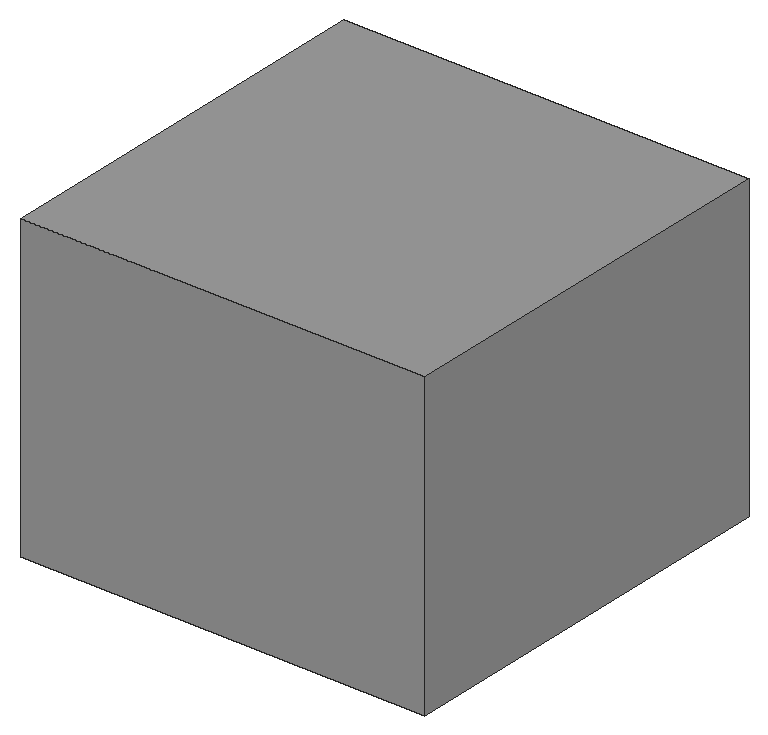
Revit family "Pull Box", category Electrical Fixtures, Revit 2022
Family settings
  Round Connector Dimension = Use Diameter
  Part Type = Normal
  OmniClass Number = 23.80.00.00
  OmniClass Title = Electric Power and Lighting
  Work Plane-Based = No
  Always vertical = Yes
  Cut with Voids When Loaded = No
  Maintain Annotation Orientation = No
  Shared = No
  Room Calculation Point = No
Parameters
  Width [instance] = 40 mm
  SubSquare [instance] = 40 mm
  Material Code [instance] = ""
  LargeSquare [instance] = 200 mm
  Height [instance] = 30 mm
  Depth [instance] = 40 mm
  Default Elevation = 0 mm
Reference planes
  plane 1 "Center (Front/Back)": y = 0
  plane 2: z = 0
  plane 3 "Center (Left/Right)": x = 0
Forms (mm)
  Extrusion 1, solid, material "Default"
    sketch origin (0, 0, 0) x (1, 0, 0) y (0, 1, 0)
      loop
        line (-20, 20) -> (-20, -20) -> (20, -20) -> (20, 20) -> (-20, 20)
    from -15 to 15
Lines and regions (mm)
  model lines, style "Pull Box Line"
    curve 1: line (-20, 20, 0) -> (20, -20, 0)
    curve 2: line (20, 20, 0) -> (-20, -20, 0)
Dimensions and locks
  "Width": Extrusion 1 to Extrusion 1
  "Depth": Extrusion 1 to Extrusion 1
  "Height": Extrusion 1 to Extrusion 1
  Extrusion 1 to Extrusion 1 = 40 mm
  equal spacing: Extrusion 1, plane 3 "Center (Left/Right)", Extrusion 1
  equal spacing: Extrusion 1, level, Extrusion 1
  aligned and locked: level to plane 2
Automatic sketch dimensions
  Extrusion 1 sketch curve to plane 1 "Center (Front/Back)" = 20 mm
  plane 1 "Center (Front/Back)" to Extrusion 1 sketch curve = 20 mm
  plane 1 "Center (Front/Back)" to curve 1 = 20 mm
  plane 1 "Center (Front/Back)" to curve 2 = 20 mm
  curve 2 to plane 1 "Center (Front/Back)" = 20 mm
  curve 1 to plane 1 "Center (Front/Back)" = 20 mm
  plane 3 "Center (Left/Right)" to curve 2 = 20 mm
  plane 3 "Center (Left/Right)" to curve 1 = 20 mm
  plane 3 "Center (Left/Right)" to Extrusion 1 sketch curve = 20 mm
  curve 1 to plane 3 "Center (Left/Right)" = 20 mm
  curve 2 to plane 3 "Center (Left/Right)" = 20 mm
  Extrusion 1 sketch curve to plane 3 "Center (Left/Right)" = 20 mm
Connectors
  cabletrayconduit at (0, 0, 15), diameter 16
    settings: on Extrusion 1, index 1, connector width 300 mm, connector height 300 mm, connector angle 0.00°, system type 32, placement type 0, profile type 0, connector reference index -1, is primary connector yes, connector utility param no, connector description "Top"
  cabletrayconduit at (0, 20, 0), diameter 16
    settings: on Extrusion 1, index 2, connector width 300 mm, connector height 300 mm, connector angle 0.00°, system type 32, placement type 0, profile type 0, connector reference index -1, is primary connector no, connector utility param no, connector description "Back"
  cabletrayconduit at (0, -20, 0), diameter 16
    settings: on Extrusion 1, index 3, connector width 300 mm, connector height 300 mm, connector angle 0.00°, system type 32, placement type 0, profile type 0, connector reference index -1, is primary connector no, connector utility param no, connector description "Front"
  cabletrayconduit at (-20, 0, 0), diameter 16
    settings: on Extrusion 1, index 4, connector width 300 mm, connector height 300 mm, connector angle 0.00°, system type 32, placement type 0, profile type 0, connector reference index -1, is primary connector no, connector utility param no, connector description "Left"
  cabletrayconduit at (20, 0, 0), diameter 16
    settings: on Extrusion 1, index 5, connector width 300 mm, connector height 300 mm, connector angle 0.00°, system type 32, placement type 0, profile type 0, connector reference index -1, is primary connector no, connector utility param no, connector description "Right"
  cabletrayconduit at (0, 0, -15), diameter 16
    settings: on Extrusion 1, index 6, connector width 300 mm, connector height 300 mm, connector angle 0.00°, system type 32, placement type 0, profile type 0, connector reference index -1, is primary connector no, connector utility param no, connector description "Bottom"
